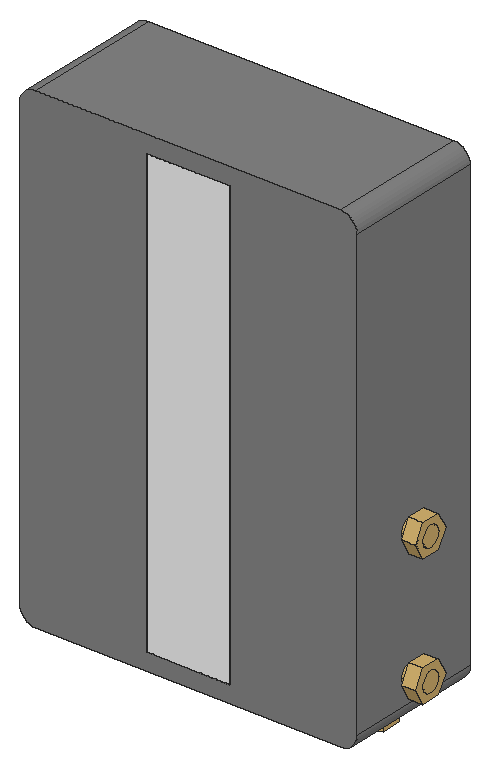
Revit family "Evoflat TDV F_Side_RFA_2", category Mechanical Equipment, Revit 2019
Family settings
  Round Connector Dimension = Use Diameter
  Classification = None
  Part Type = Normal
  OmniClass Number = 23.75.65.11.11
  OmniClass Title = Heating Controllers
  Work Plane-Based = No
  Always vertical = Yes
  Cut with Voids When Loaded = No
  Shared = No
  Room Calculation Point = No
Parameters (values of type "Evoflat TDV F_Side_Type 1_Cu_145B4175")
  Weight = 8.50 kg  # constant formula
  W1 = 40 mm  # constant formula
  W = 130 mm  # constant formula
  URL = "https://store.danfoss.com/en/search/?q=Evoflat+TDV%3Arelevance%3Adanfoss_producttypehierarchydesc%3AEvoFlat+FSS&text=Evoflat+TDV"
  Type Image = <None>
  Type Comments = ""
  Top [instance] = if(or(Clearance Zone Visibility, Clearance Zone Top Visibility), 1 = 1, 1 = 0)  # no
  Right [instance] = if(or(Clearance Zone Visibility, Clearance Zone Right Visibility), 1 = 1, 1 = 0)  # no
  Pressure Drop (HE) [instance] = 0.0 Pa
  Pressure Drop (DHW) [instance] = 0.0 Pa
  Pressure Drop (DH) [instance] = 0.0 Pa
  Pressure Drop (DCW) [instance] = 0.0 Pa
  Nut size = 30 mm  # constant formula
  Nominal Pressure = "PN 10"  # constant formula
  Model Type = "Evoflat TDV F_Side_Type 1_Cu"
  Model = "145B4175"
  Max Supply Temperature = "95 °C"  # constant formula
  Manufacturer = "Danfoss"  # constant formula
  Left [instance] = if(or(Clearance Zone Visibility, Clearance Zone Left Visibility), 1 = 1, 1 = 0)  # no
  LOD 350 = not(LOD 200)  # yes
  LOD 200 = no
  L2 = 310 mm  # constant formula
  L1a = 55 mm  # constant formula
  L1 = 55 mm  # constant formula
  L = 330 mm  # constant formula
  Insulation Material = Danfoss EPP insulation
  IfcExportType = "EvoFlat TDV F"  # constant formula
  IfcExportAs = "IfcFlowController"  # constant formula
  Heating Total Pressure Loss Primary = "8 kPa"  # constant formula
  Heating Flow Rate Supply = "645 l/h"  # constant formula
  Heating Circuit dT = "20 °C"  # constant formula
  Heating Capacity = 15 kW  # constant formula
  HEX material = Danfoss Copper
  H3 = 32.5 mm  # constant formula
  H2 = 31.5 mm  # constant formula
  H1 = 3 mm  # constant formula
  H = 443 mm  # constant formula
  Front [instance] = if(or(Clearance Zone Visibility, Clearance Zone Front Visibility), 1 = 1, 1 = 0)  # no
  Flow (HE) [instance] = 0.0 L/s
  Flow (DHW) [instance] = 0.0 L/s
  Flow (DH) [instance] = 0.0 L/s
  Flow (DCW) [instance] = 0.0 L/s
  Description = "Flat Station"  # constant formula
  DHW capacity = 43 kW
  DHW Temperature DHS/DHR = "65/22 °C"
  DHW Tap Load 50°C = "15.3 l/min"
  DHW Pressure Loss Primary = "40 kPa"
  DHW Flow Rate Primary = "850 l/h"
  D = 20 mm  # constant formula
  Connection = "G 3/4 Internal Thread"  # constant formula
  Clearance Zone Visibility [instance] = no
  Clearance Zone Top Visibility [instance] = no
  Clearance Zone Top [instance] = 25 mm  # constant formula
  Clearance Zone Right Visibility [instance] = no
  Clearance Zone Right [instance] = 50 mm  # constant formula
  Clearance Zone Left Visibility [instance] = no
  Clearance Zone Left [instance] = 50 mm  # constant formula
  Clearance Zone Front Visibility [instance] = no
  Clearance Zone Front [instance] = 150 mm  # constant formula
  Clearance Zone Bottom Visibility [instance] = no
  Clearance Zone Bottom [instance] = 32.5 mm  # constant formula
  Bottom [instance] = if(or(Clearance Zone Visibility, Clearance Zone Bottom Visibility), 1 = 1, 1 = 0)  # no
  Assembly Code = ""
Types (6, lengths in mm): name | Model Type | Model | HEX material | DHW capacity | DHW Temperature DHS/DHR | DHW Tap Load 50°C | DHW Pressure Loss Primary | DHW Flow Rate Primary
  Evoflat TDV F_Side_Type 1_Cu_145B4175 | "Evoflat TDV F_Side_Type 1_Cu" | "145B4175" | Danfoss Copper | 43 kW | "65/22 °C" | "15.3 l/min" | "40 kPa" | "850 l/h"
  Evoflat TDV F_Side_Type 3_Cu_145B4177 | "Evoflat TDV F_Side_Type 3_Cu" | "145B4177" | Danfoss Copper | 55 kW | "65/16 °C" | "18.3 l/min" | "27 kPa" | "950 l/h"
  Evoflat TDV F_Side_Type 2_Cu_145B4176 | "Evoflat TDV F_Side_Type 2_Cu" | "145B4176" | Danfoss Copper | 49 kW | "65/21 °C" | "17.5 l/min" | "30 kPa" | "950 l/h"
  Evoflat TDV F_Side_Type 1_Sts_145B4178 | "Evoflat TDV F_Side_Type 1_Sts" | "145B4178" | Danfoss Stainless Steel | 43 kW | "65/22 °C" | "15.3 l/min" | "40 kPa" | "850 l/h"
  Evoflat TDV F_Side_Type 2_Sts_145B4179 | "Evoflat TDV F_Side_Type 2_Sts" | "145B4179" | Danfoss Stainless Steel | 49 kW | "65/21 °C" | "17.5 l/min" | "30 kPa" | "950 l/h"
  Evoflat TDV F_Side_Type 3_Sts_145B4180 | "Evoflat TDV F_Side_Type 3_Sts" | "145B4180" | Danfoss Stainless Steel | 55 kW | "65/16 °C" | "18.3 l/min" | "27 kPa" | "950 l/h"
Reference planes
  plane 1 "Center (Front/Back)": y = 0
  plane 2: z = 0
  plane 3 "Center (Left/Right)": x = 0
  plane 4: y = -40
  plane 5: x = -155
  plane 6: x = 155
  plane 7: z = 443
  plane 8: y = -130
  plane 9: z = 3
  plane 10: z = -31.5
  plane 11: x = -100
  plane 12: x = 100
  plane 13: z = -32.5
  plane 14: y = -70
  plane 15: x = -40
  plane 16: x = 40
  plane 17: x = 175
  plane 18: z = 40
  plane 19: z = 160
Forms (mm)
  Extrusion 1, solid, material "Danfoss EPP insulation", visible <- "LOD 200", detail levels fine
    sketch origin (0, 0, 0) x (1, 0, 0) y (0, 0, 1)
      loop
        line (-155, 443) -> (-155, 0) -> (155, 0) -> (155, 443) -> (-155, 443)
    from 0 to 130 <- "W"
  Extrusion 2, solid, visible <- "Front"
    sketch origin (15, -130, 238.394) x (1, 0, 0) y (0, 0, 1)
      loop
        line (-170, 204.606) -> (-170, -238.394) -> (140, -238.394) -> (140, 204.606) -> (-170, 204.606)
    from 150 <- "Clearance Zone Front" to 0
  Extrusion 3, solid, visible <- "Right"
    sketch origin (0, 0, 0) x (1, 0, 0) y (0, 0, 1)
      loop
        line (155, 443) -> (155, 0) -> (205, 0) -> (205, 443) -> (155, 443)
    from 130 <- "W" to 0
  Extrusion 4, solid, visible <- "Left"
    sketch origin (0, 0, 0) x (1, 0, 0) y (0, 0, 1)
      loop
        line (-155, 443) -> (-205, 443) -> (-205, 0) -> (-155, 0) -> (-155, 443)
    from 130 <- "W" to 0
  Extrusion 5, solid, visible <- "Top"
    sketch origin (0, 0, 0) x (1, 0, 0) y (0, 0, 1)
      loop
        line (-155, 443) -> (155, 443) -> (155, 468) -> (-155, 468) -> (-155, 443)
    from 130 <- "W" to 0
  Extrusion 6, solid, visible <- "Bottom"
    sketch origin (0, 0, 0) x (1, 0, 0) y (0, 0, 1)
      loop
        line (-155, 0) -> (-155, -32.5) -> (155, -32.5) -> (155, 0) -> (-155, 0)
    from 130 <- "W" to 0
  Extrusion 7, solid, material "Danfoss EPP insulation" <- "Insulation Material", visible <- "LOD 350", detail levels fine
    sketch origin (0, 0, 0) x (1, 0, 0) y (0, 0, 1)
      loop
        arc (-140, 443) -> (-150.607, 438.607) -> (-155, 428) r 15
        line (-155, 428) -> (-155, 15)
        arc (-155, 15) -> (-150.607, 4.393) -> (-140, 0) r 15
        line (-140, 0) -> (140, 0)
        arc (140, 0) -> (150.607, 4.393) -> (155, 15) r 15
        line (155, 15) -> (155, 428)
        arc (155, 428) -> (150.607, 438.607) -> (140, 443) r 15
        line (140, 443) -> (-140, 443)
    from 130 to 0
  Extrusion 8, void
    sketch origin (0, 0, 0) x (1, 0, 0) y (0, 0, 1)
      loop
        line (-38.25, 16) -> (38.25, 16) -> (38.25, 427) -> (-38.25, 427) -> (-38.25, 16)
    from 130 to 127.473
  Extrusion 9, solid, material "Danfoss Plastic White", visible <- "LOD 350", detail levels fine
    sketch origin (0, 0, 0) x (1, 0, 0) y (0, 0, 1)
      loop
        line (-38.25, 16) -> (38.25, 16) -> (38.25, 427) -> (-38.25, 427) -> (-38.25, 16)
    from 127.473 to 130
  Extrusion 10, solid, detail levels coarse+medium
    sketch origin (0, 0, 0) x (1, 0, 0) y (0, 0, 1)
      loop
        line (-155, 443) -> (-155, -32.5) -> (175, -32.5) -> (175, 443) -> (-155, 443)
    from 130 to 0
  Extrusion 11, solid, material "Danfoss Brass", detail levels fine
    sketch origin (0, 0, 0) x (1, 0, 0) y (0, 1, 0)
      loop
        circle (-100, -40) r 12.783
    from 3 to -31.5
  Extrusion 12, solid, material "Danfoss Brass", visible <- "LOD 350", detail levels fine
    sketch origin (0, 0, 0) x (1, 0, 0) y (0, 1, 0)
      loop
        line (-115, -31.34) -> (-115, -48.66) -> (-100, -57.321) -> (-85, -48.66) -> (-85, -31.34) -> (-100, -22.679) -> (-115, -31.34)
    from -16.5 to -32.5
  Extrusion 13, solid, material "Danfoss Brass", not visible, detail levels fine
    sketch origin (0, 0, 0) x (1, 0, 0) y (0, 1, 0)
      loop
        circle (-100, -40) r 12.783
    from 3 to -31.5
  Extrusion 14, solid, material "Danfoss Brass", visible <- "LOD 350", not visible, detail levels fine
    sketch origin (0, 0, 0) x (1, 0, 0) y (0, 1, 0)
      loop
        line (-115, -31.34) -> (-115, -48.66) -> (-100, -57.321) -> (-85, -48.66) -> (-85, -31.34) -> (-100, -22.679) -> (-115, -31.34)
    from -16.5 to -32.5
  Extrusion 15, solid, material "Danfoss Brass", detail levels fine
    sketch origin (60, 0, 0) x (1, 0, 0) y (0, 1, 0)
      loop
        circle (-100, -40) r 12.783
    from 3 to -31.5
  Extrusion 16, solid, material "Danfoss Brass", visible <- "LOD 350", detail levels fine
    sketch origin (60, 0, 0) x (1, 0, 0) y (0, 1, 0)
      loop
        line (-115, -31.34) -> (-115, -48.66) -> (-100, -57.321) -> (-85, -48.66) -> (-85, -31.34) -> (-100, -22.679) -> (-115, -31.34)
    from -15.5 to -31.5
  Extrusion 17, solid, material "Danfoss Brass", not visible, detail levels fine
    sketch origin (60, 0, 0) x (1, 0, 0) y (0, 1, 0)
      loop
        circle (-100, -40) r 12.783
    from 3 to -31.5
  Extrusion 18, solid, material "Danfoss Brass", visible <- "LOD 350", not visible, detail levels fine
    sketch origin (60, 0, 0) x (1, 0, 0) y (0, 1, 0)
      loop
        line (-115, -31.34) -> (-115, -48.66) -> (-100, -57.321) -> (-85, -48.66) -> (-85, -31.34) -> (-100, -22.679) -> (-115, -31.34)
    from -15.5 to -31.5
  Extrusion 19, solid, material "Danfoss Brass", detail levels fine
    sketch origin (140, 0, 0) x (1, 0, 0) y (0, 1, 0)
      loop
        circle (-100, -40) r 12.783
    from 3 to -31.5
  Extrusion 20, solid, material "Danfoss Brass", visible <- "LOD 350", detail levels fine
    sketch origin (140, 0, 0) x (1, 0, 0) y (0, 1, 0)
      loop
        line (-115, -31.34) -> (-115, -48.66) -> (-100, -57.321) -> (-85, -48.66) -> (-85, -31.34) -> (-100, -22.679) -> (-115, -31.34)
    from -15.5 to -31.5
  Extrusion 21, solid, material "Danfoss Brass", detail levels fine
    sketch origin (200, 0, 0) x (1, 0, 0) y (0, 1, 0)
      loop
        circle (-100, -40) r 12.783
    from 3 to -31.5
  Extrusion 22, solid, material "Danfoss Brass", visible <- "LOD 350", detail levels fine
    sketch origin (200, 0, 0) x (1, 0, 0) y (0, 1, 0)
      loop
        line (-115, -31.34) -> (-115, -48.66) -> (-100, -57.321) -> (-85, -48.66) -> (-85, -31.34) -> (-100, -22.679) -> (-115, -31.34)
    from -15.5 to -31.5
  Extrusion 23, solid, material "Danfoss Brass", detail levels fine
    sketch origin (0, 0, 0) x (0, 1, 0) y (0, 0, 1)
      loop
        circle (-70, 160) r 9
    from 175 to 155
  Extrusion 24, solid, material "Danfoss Brass", visible <- "LOD 350", detail levels fine
    sketch origin (0, 0, 0) x (0, 1, 0) y (0, 0, 1)
      loop
        line (-78.66, 175) -> (-87.321, 160) -> (-78.66, 145) -> (-61.34, 145) -> (-52.679, 160) -> (-61.34, 175) -> (-78.66, 175)
    from 175 to 162
  Extrusion 25, solid, material "Danfoss Brass", not visible, detail levels fine
    sketch origin (0, 0, 0) x (0, 1, 0) y (0, 0, 1)
      loop
        circle (-70, 160) r 9
    from 175 to 155
  Extrusion 26, solid, material "Danfoss Brass", visible <- "LOD 350", not visible, detail levels fine
    sketch origin (0, 0, 0) x (0, 1, 0) y (0, 0, 1)
      loop
        line (-78.66, 175) -> (-87.321, 160) -> (-78.66, 145) -> (-61.34, 145) -> (-52.679, 160) -> (-61.34, 175) -> (-78.66, 175)
    from 175 to 162
  Extrusion 27, solid, material "Danfoss Brass", detail levels fine
    sketch origin (0, 0, -120) x (0, 1, 0) y (0, 0, 1)
      loop
        circle (-70, 160) r 9
    from 175 to 155
  Extrusion 28, solid, material "Danfoss Brass", visible <- "LOD 350", detail levels fine
    sketch origin (0, 0, -120) x (0, 1, 0) y (0, 0, 1)
      loop
        line (-78.66, 175) -> (-87.321, 160) -> (-78.66, 145) -> (-61.34, 145) -> (-52.679, 160) -> (-61.34, 175) -> (-78.66, 175)
    from 175 to 162
Cuts and joins
  Extrusion 8 cuts Extrusion 2
  Extrusion 8 cuts Extrusion 7
Dimensions and locks
  "Clearance Zone Right": Extrusion 3 sketch curve to Extrusion 2
  "Clearance Zone Left": Extrusion 4 sketch curve to Extrusion 2
  "H": plane 7 to plane 2
  equal spacing: plane 6, plane 3 "Center (Left/Right)", plane 5
  "L2": plane 6 to plane 5
  "W": plane 8 to plane 1 "Center (Front/Back)"
  "H1": plane 9 to level
  "H2": plane 2 to plane 10
  "W1": plane 4 to plane 1 "Center (Front/Back)"
  "L1": plane 5 to plane 11
  "L1a": plane 12 to plane 6
  level to Extrusion 7 = 443 mm
  equal spacing: Extrusion 8 sketch curve, plane 3 "Center (Left/Right)", Extrusion 8 sketch curve
  Extrusion 8 sketch curve to Extrusion 8 sketch curve = 76.5 mm
  "Clearance Zone Bottom": plane 2 to Extrusion 6 sketch curve
  "Clearance Zone Top": Extrusion 5 sketch curve to plane 7
  "H3": plane 2 to plane 13
  locked: plane 14 to plane 4 at 30
  Extrusion 9 sketch curve to Extrusion 9 sketch curve = 76.5 mm
  equal spacing: Extrusion 9 sketch curve, plane 3 "Center (Left/Right)", Extrusion 9 sketch curve
  locked: Extrusion 9 sketch curve to level at 16
  locked: plane 7 to Extrusion 9 sketch curve at 16
  locked: plane 7 to Extrusion 8 sketch curve at 16
  plane 11 to plane 5 = 55 mm
  locked: plane 15 to plane 11 at 60
  locked: plane 16 to plane 15 at 80
  plane 12 to plane 16 = 60 mm
  plane 6 to plane 12 = 55 mm
  "L": plane 17 to plane 5
  locked: plane 18 to plane 2 at 40
  locked: plane 19 to plane 18 at 120
  radius of Extrusion 7 sketch curve = 15 mm  (x4)
  radius of Extrusion 11 sketch curve = 12.783 mm
  radius of Extrusion 13 sketch curve = 12.783 mm
  radius of Extrusion 15 sketch curve = 12.783 mm
  radius of Extrusion 17 sketch curve = 12.783 mm
  radius of Extrusion 19 sketch curve = 12.783 mm
  radius of Extrusion 21 sketch curve = 12.783 mm
  radius of Extrusion 23 sketch curve = 9 mm
  radius of Extrusion 25 sketch curve = 9 mm
  radius of Extrusion 27 sketch curve = 9 mm
  aligned and locked: level to plane 2
  aligned and locked: Extrusion 2 sketch curve to Extrusion 1  (x2)
  aligned and locked: plane 2 to Extrusion 1 sketch curve
  aligned and locked: plane 5 to Extrusion 1 sketch curve
  aligned and locked: Extrusion 1 sketch curve to plane 6
  aligned and locked: Extrusion 7 sketch curve to plane 6
  aligned and locked: plane 8 to Extrusion 7
  aligned and locked: Extrusion 7 to plane 1 "Center (Front/Back)"
  aligned and locked: Extrusion 3 to Extrusion 8
  aligned and locked: Extrusion 2 sketch curve to plane 7
  aligned and locked: plane 2 to Extrusion 2 sketch curve
  aligned and locked: plane 2 to Extrusion 3 sketch curve
  aligned and locked: Extrusion 3 sketch curve to plane 7
  aligned and locked: plane 6 to Extrusion 3 sketch curve
  aligned and locked: Extrusion 4 sketch curve to plane 2
  aligned and locked: plane 7 to Extrusion 4 sketch curve
  aligned and locked: plane 5 to Extrusion 4 sketch curve
  aligned and locked: Extrusion 6 sketch curve to plane 2
  aligned and locked: plane 5 to Extrusion 6 sketch curve
  aligned and locked: Extrusion 6 sketch curve to plane 6
  aligned and locked: Extrusion 5 sketch curve to plane 7
  aligned and locked: Extrusion 5 sketch curve to plane 5
  aligned and locked: plane 6 to Extrusion 5 sketch curve
  aligned and locked: Extrusion 1 to Extrusion 9
  aligned and locked: Extrusion 8 sketch curve to Extrusion 9
  aligned and locked: Extrusion 8 to Extrusion 9
  aligned and locked: Extrusion 11 to plane 10
  aligned and locked: plane 9 to Extrusion 11
  aligned and locked: Extrusion 12 to plane 13
  aligned and locked: Extrusion 16 to plane 10
  aligned and locked: plane 7 to Extrusion 1
  aligned and locked: Extrusion 10 to plane 13
  aligned and locked: Extrusion 6 to Extrusion 10
  aligned and locked: Extrusion 23 to plane 6
  aligned and locked: plane 17 to Extrusion 23
  aligned and locked: plane 17 to Extrusion 24
  aligned and locked: Extrusion 10 sketch curve to plane 17
Automatic sketch dimensions
  Extrusion 9 sketch curve to plane 3 "Center (Left/Right)" = 38.25 mm
  Extrusion 12 sketch curve to Extrusion 12 sketch curve = 15 mm  (x3)
  Extrusion 12 sketch curve to Extrusion 12 sketch curve = 8.66 mm  (x3)
  Extrusion 12 sketch curve to Extrusion 12 sketch curve = 17.321 mm  (x2)
  Extrusion 14 sketch curve to Extrusion 14 sketch curve = 15 mm  (x3)
  Extrusion 14 sketch curve to Extrusion 14 sketch curve = 8.66 mm  (x3)
  Extrusion 14 sketch curve to Extrusion 14 sketch curve = 17.321 mm  (x2)
  Extrusion 16 sketch curve to Extrusion 16 sketch curve = 15 mm  (x3)
  Extrusion 16 sketch curve to Extrusion 16 sketch curve = 8.66 mm  (x3)
  Extrusion 16 sketch curve to Extrusion 16 sketch curve = 17.321 mm  (x2)
  Extrusion 18 sketch curve to Extrusion 18 sketch curve = 15 mm  (x3)
  Extrusion 18 sketch curve to Extrusion 18 sketch curve = 8.66 mm  (x3)
  Extrusion 18 sketch curve to Extrusion 18 sketch curve = 17.321 mm  (x2)
  Extrusion 20 sketch curve to Extrusion 20 sketch curve = 15 mm  (x3)
  Extrusion 20 sketch curve to Extrusion 20 sketch curve = 8.66 mm  (x3)
  Extrusion 20 sketch curve to Extrusion 20 sketch curve = 17.321 mm  (x2)
  Extrusion 22 sketch curve to Extrusion 22 sketch curve = 15 mm  (x3)
  Extrusion 22 sketch curve to Extrusion 22 sketch curve = 8.66 mm  (x3)
  Extrusion 22 sketch curve to Extrusion 22 sketch curve = 17.321 mm  (x2)
  Extrusion 24 sketch curve to Extrusion 24 sketch curve = 8.66 mm  (x3)
  Extrusion 24 sketch curve to Extrusion 24 sketch curve = 17.321 mm  (x2)
  Extrusion 24 sketch curve to Extrusion 24 sketch curve = 15 mm  (x3)
  Extrusion 26 sketch curve to Extrusion 26 sketch curve = 8.66 mm  (x3)
  Extrusion 26 sketch curve to Extrusion 26 sketch curve = 17.321 mm  (x2)
  Extrusion 26 sketch curve to Extrusion 26 sketch curve = 15 mm  (x3)
  Extrusion 28 sketch curve to Extrusion 28 sketch curve = 8.66 mm  (x3)
  Extrusion 28 sketch curve to Extrusion 28 sketch curve = 17.321 mm  (x2)
  Extrusion 28 sketch curve to Extrusion 28 sketch curve = 15 mm  (x3)
  Extrusion 1 sketch curve to plane 7 = 0 mm
  Extrusion 7 sketch curve to plane 5 = 0 mm
  Extrusion 7 sketch curve to level = 0 mm
  Extrusion 7 sketch curve to plane 7 = 0 mm
  Extrusion 10 sketch curve to plane 5 = 0 mm
  Extrusion 10 sketch curve to plane 13 = 0 mm
  Extrusion 10 sketch curve to plane 7 = 0 mm
Connectors
  piping at (-100, -40, -31.5), diameter 20, driven by "D", driven by "Flow (DCW)"
    settings: on Extrusion 11, index 1, connector inside diameter 609.6 mm, connector length 0 mm, flow factor 0, pipe flow 0.0 L/s, pressure drop 0.0 Pa, fitting loss kfactor 0, connector angle 0.00°, fixture units 0, engagement length 0 mm, angle of deflection 0.00°, flow configuration 0, flow direction 1, fitting loss method 0, system type 20, joint type 0, gender type 0, connector reference index 2, connector utility 0, adjustable connector no, is connector primary yes, connector description ""
  piping at (-40, -40, -31.5), diameter 20, driven by "D", driven by "Flow (DHW)"
    settings: on Extrusion 15, index 2, connector inside diameter 609.6 mm, connector length 0 mm, flow factor 0, pipe flow 0.0 L/s, pressure drop 0.0 Pa, fitting loss kfactor 0, connector angle 0.00°, fixture units 0, engagement length 0 mm, angle of deflection 0.00°, flow configuration 0, flow direction 2, fitting loss method 0, system type 19, joint type 0, gender type 0, connector reference index 1, connector utility 0, adjustable connector no, is connector primary no, connector description ""
  piping at (40, -40, -31.5), diameter 20, driven by "D", driven by "Flow (DH)"
    settings: on Extrusion 19, index 4, connector inside diameter 609.6 mm, connector length 0 mm, flow factor 0, pipe flow 0.0 L/s, pressure drop 0.0 Pa, fitting loss kfactor 0, connector angle 0.00°, fixture units 0, engagement length 0 mm, angle of deflection 0.00°, flow configuration 0, flow direction 1, fitting loss method 0, system type 7, joint type 0, gender type 0, connector reference index 6, connector utility 0, adjustable connector no, is connector primary no, connector description ""
  piping at (100, -40, -31.5), diameter 20, driven by "D", driven by "Flow (DH)"
    settings: on Extrusion 21, index 6, connector inside diameter 609.6 mm, connector length 0 mm, flow factor 0, pipe flow 0.0 L/s, pressure drop 0.0 Pa, fitting loss kfactor 0, connector angle 0.00°, fixture units 0, engagement length 0 mm, angle of deflection 0.00°, flow configuration 0, flow direction 2, fitting loss method 0, system type 8, joint type 0, gender type 0, connector reference index 4, connector utility 0, adjustable connector no, is connector primary no, connector description ""
  piping at (175, -70, 160), diameter 20, driven by "D"
    settings: on Extrusion 23, index 7, connector inside diameter 609.6 mm, connector length 0 mm, flow factor 0, pipe flow 0.0 L/s, pressure drop 0.0 Pa, fitting loss kfactor 0, connector angle 0.00°, fixture units 0, engagement length 0 mm, angle of deflection 0.00°, flow configuration 0, flow direction 2, fitting loss method 0, system type 7, joint type 0, gender type 0, connector reference index 8, connector utility 0, adjustable connector no, is connector primary no, connector description ""
  piping at (175, -70, 40), diameter 20, driven by "D"
    settings: on Extrusion 27, index 8, connector inside diameter 609.6 mm, connector length 0 mm, flow factor 0, pipe flow 0.0 L/s, pressure drop 0.0 Pa, fitting loss kfactor 0, connector angle 0.00°, fixture units 0, engagement length 0 mm, angle of deflection 0.00°, flow configuration 0, flow direction 1, fitting loss method 0, system type 8, joint type 0, gender type 0, connector reference index 7, connector utility 0, adjustable connector no, is connector primary no, connector description ""
